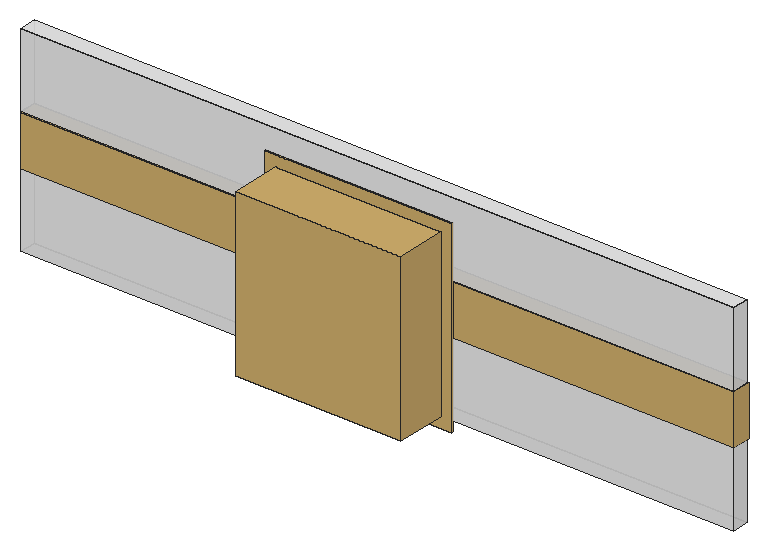
Revit family "3-420-xx - Landon", category Lighting Fixtures, host Wall, Revit 2019
Family settings
  Host = Wall
  Round Connector Dimension = Use Diameter
  Part Type = Normal
  OmniClass Number = 23.80.70.00
  OmniClass Title = Lighting
  Always vertical = Yes
  Cut with Voids When Loaded = No
  Light Source = Yes
  Shared = No
  Room Calculation Point = No
Parameters (values of type "3-420-40 / Aged Brass - Matte White Acrylic")
  Wattage Comments = "1 x 75 W at 120 V"  # constant formula
  Wattage = 27.11 W
  built-in parameter 1150110 = 1 (stored number, unit not read)
  Voltage Input = "120 V or 277 V - 50/60 Hz"  # constant formula
  Voltage = 120 V
  URL = "www.oxygenlighting.com"
  built-in parameter 1114217 = 1 (stored number, unit not read)
  built-in parameter 1150109 = 1 (stored number, unit not read)
  built-in parameter 1150134 = (empty or 0)
  built-in parameter 1150113 = 1 (stored number, unit not read)
  References = "Ref. 3 = 120 V / Ref. 37 = 277 V"  # constant formula
  Model = "3-59-xx / Landon"  # constant formula
  Metal Finish = 40 - Aged Brass
  Manufacturer = "Oxygen Lighting and Fans"  # constant formula
  Lumens = 1976.32 lm
  built-in parameter 1150115 = 1 (stored number, unit not read)
  built-in parameter 1150105 = 629.08 (stored number, unit not read)
  Light Source Symbol Size = 24.00"
  built-in parameter 1150137 = (empty or 0)
  built-in parameter 1150139 = (empty or 0)
  built-in parameter 1150112 = 1 (stored number, unit not read)
  built-in parameter 1150114 = 1 (stored number, unit not read)
  Lamp = "LED Array"  # constant formula
  built-in parameter 1150132 = (empty or 0)
  built-in parameter 1150102 = (empty or 0)
  built-in parameter 1150138 = (empty or 0)
  built-in parameter 1150107 = 3000 (stored number, unit not read)
  built-in parameter 1150106 = 6.2908 (stored number, unit not read)
  built-in parameter 1150104 = 6.7726 (stored number, unit not read)
  Dimming Lamp Color Temperature Shift = <None>
  Diffusers = Matte White Acrylic
  Color Filter = 16777215
  built-in parameter 1114218 = 1 (stored number, unit not read)
  built-in parameter 1150133 = 10 (stored number, unit not read)
Types (2): name | Metal Finish
  3-420-15 / Black - Matte White Acrylic | 15 - Black
  3-420-40 / Aged Brass - Matte White Acrylic | 40 - Aged Brass
Reference planes (in)
  plane 1: y = 0
  plane 2 "Light Source Axis (L/R)": x = 4.92126
  plane 3 "Light Source Axis (F/R)": y = 5.47276
  plane 4 "Light Source Elevation": z = 38.01441
  plane 5: y = 2.95276
  plane 6: z = 40.57346
Text (in)
  text "Placement side" at (-70.3598, 43.96769, 0), in view "Ref. Level"
  text "Placement side" at (0, 83.08644, 117.56134), in view "Left"
  text "Placement side" at (0, 24.74324, 118.58137), in view "Right"
Dimensions and locks (in)
  locked: plane 3 "Light Source Axis (F/R)" to plane 5 at 2.52
  locked: plane 6 to plane 4 "Light Source Elevation" at 2.55906
  aligned and locked: plane 1 to host wall
  aligned and locked: plane 2 "Light Source Axis (L/R)" to imposter light
  aligned and locked: plane 5 to host wall
  aligned and locked: plane 5 to nested 1
  aligned and locked: plane 6 to imposter light
  aligned and locked: plane 3 "Light Source Axis (F/R)" to imposter light
  aligned and locked: nested 1 to plane 4 "Light Source Elevation"
Nested families (in)
  nested 1: "Family2" at (4.92126, 2.95276, 40.57346) x (-1, 0, 0) z (0, 0, 1), type "Family2"
Definition of nested family "Family2"
  Parameters (values of type "Family2")
    Metal Finish 2 = none
    Metal Finish 1 = none
    Height = 10.00"
    Diffuser = none
  Reference planes (in)
    plane 1 "Center (Front/Back)": y = 0
    plane 2: z = 0
    plane 3 "Center (Left/Right)": x = 0
  Forms (in)
    Extrusion 1, solid, material <- "Metal Finish 1"
      sketch origin (0, 0, 0) x (1, 0, 0) y (0, 0, 1)
        loop
          line (-2.55906, 2.55906) -> (-2.55906, -2.55906) -> (2.55906, -2.55906) -> (2.55906, 2.55906) -> (-2.55906, 2.55906)
      from 1.38 to 1.42
    Extrusion 2, solid, material <- "Metal Finish 1"
      sketch origin (0, 0, 0) x (1, 0, 0) y (0, 0, 1)
        loop
          line (-2.26378, 2.26378) -> (-2.26378, -2.26378) -> (2.26378, -2.26378) -> (2.26378, 2.26378) -> (-2.26378, 2.26378)
      from 1.38 to 0
    Extrusion 3, solid, material <- "Metal Finish 1"
      sketch origin (0, 0, 0) x (1, 0, 0) y (0, 0, 1)
        loop
          line (-1.9685, 0.23622) -> (-1.9685, -0.23622) -> (-1.5748, -0.23622) -> (-1.5748, 0.23622) -> (-1.9685, 0.23622)
        loop
          line (1.5748, 0.23622) -> (1.5748, -0.23622) -> (1.9685, -0.23622) -> (1.9685, 0.23622) -> (1.5748, 0.23622)
      from 1.42 to 2.01
    Extrusion 4, solid, material <- "Metal Finish 1"
      sketch origin (0, 0, 0) x (1, 0, 0) y (0, 0, 1)
        loop
          line (9.76378, 0.68898) -> (-9.76378, 0.68898) -> (-9.76378, -0.68898) -> (9.76378, -0.68898) -> (9.76378, 0.68898)
      from 2.52 to 2.01
    Extrusion 5, solid, material <- "Diffuser"
      sketch origin (0, 0, 0) x (1, 0, 0) y (0, 0, 1)
        loop
          line (-9.76378, 2.73622) -> (-9.76378, 0.68898) -> (9.76378, 0.68898) -> (9.76378, 2.73622) -> (-9.76378, 2.73622)
        loop
          line (9.76378, -2.73622) -> (9.76378, -0.68898) -> (-9.76378, -0.68898) -> (-9.76378, -2.73622) -> (9.76378, -2.73622)
      from 2.5 to 2.03
  Dimensions and locks (in)
    aligned and locked: level to plane 2
